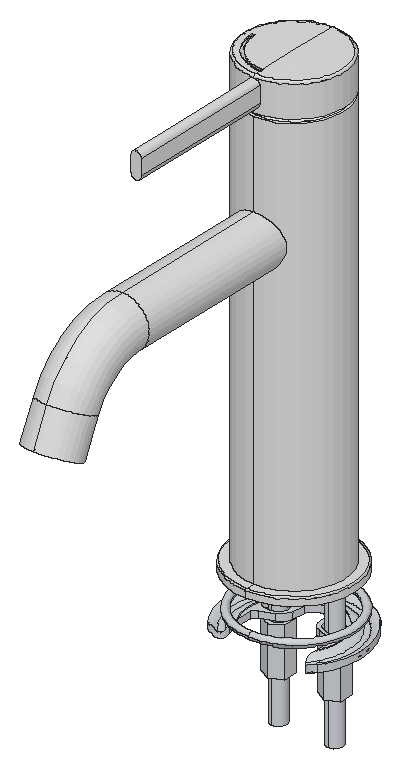
Revit family "Reece_Tap_Roca_Ona_Basin Mixer", category Plumbing Fixtures, host Face, Revit 2018
Family settings
  Host = Face
  Round Connector Dimension = Use Diameter
  Part Type = Normal
  Cut with Voids When Loaded = No
  Shared = Yes
  Room Calculation Point = Yes
Parameters (values of type "115mm_Matte White")
  WFU = 0  # constant formula
  URL = "https://www.reece.com.au/product/-13483"
  Type Comments = "Tap"
  Reece_Tap_Reach = 115 mm  # constant formula
  Reece_Tap_Inlet = 12 mm  # constant formula
  Reece_Tap_Clearance = 90 mm  # constant formula
  Reece_Product_Web Page = "https://www.reece.com.au/product/-13483"
  Reece_Product_Type = "Tap"  # constant formula
  Reece_Product_Sub Brand = "Ona"  # constant formula
  Reece_Product_Number = "13483"
  Reece_Product_Mount = "Hob Mounted"  # constant formula
  Reece_Product_Description = "Roca Ona Basin Mixer Tap Matte White (6 Star)"
  Reece_Product_Brand = "Roca"  # constant formula
  Reece_Overall_Height = 177 mm  # constant formula
  Reece_Material_Tap_Hot = Render_Hot_Water_Cap
  Reece_Material_Tap_Cold = Render_Cold_Water_Cap
  Reece_Material_Secondary = Reece_Cap_Grey
  Reece_Material_Main = Reece_Brass_Brushed Matte White
  Reece_Detail_Installation = ""
  Reece_Detail_Disclaimer = "THIS FILE IS THE PROPERTY OF THE REECE GROUP. IT MAY NOT BE REPRODUCED, REVERSE-ENGINEERED, OR MODIFIED. ANY REPUBLICATION, TRANSMISSION, OR DISTRIBUTION FOR THE PURPOSE OF COMMERCIALLY EXPLOITING THE FILES IS PROHIBITED."  # constant formula
  Reece_Detail_Connector = ""
  Reece_Detail_Additional = ""
  Model = "Ona"
  Manufacturer = "Roca"
  Keynote = "Product #13483, Reece_Tap_Roca_Ona_Basin Mixer - 115mm_Matte White"
  HWFU = 0  # constant formula
  Disclaimer = "THIS FILE IS THE PROPERTY OF THE REECE GROUP. IT MAY NOT BE REPRODUCED, REVERSE-ENGINEERED, OR MODIFIED. ANY REPUBLICATION, TRANSMISSION, OR DISTRIBUTION FOR THE PURPOSE OF COMMERCIALLY EXPLOITING THE FILES IS PROHIBITED."  # constant formula
  Description = "Roca Ona Basin Mixer Tap Matte White (6 Star)"
  Default Elevation = 1000 mm
  CWFU = 0  # constant formula
Types (5, lengths in mm): name | URL | Reece_Product_Web Page | Reece_Product_Number | Reece_Product_Description | Reece_Material_Main | Keynote | Description
  115mm_Brushed Nickel | "https://www.reece.com.au/product/-13484" | "https://www.reece.com.au/product/-13484" | "13484" | "Roca Ona Basin Mixer Tap Brushed Nickel (6 Star)" | Reece_Brass_Brushed Nickel | "Product #13484, Reece_Tap_Roca_Ona_Basin Mixer - 115mm_Brushed Nickel" | "Roca Ona Basin Mixer Tap Brushed Nickel (6 Star)"
  115mm_Chrome | "https://www.reece.com.au/product/-13481" | "https://www.reece.com.au/product/-13481" | "13481" | "Roca Ona Basin Mixer Tap Chrome (6 Star)" | Reece_Brass_Chrome | "Product #13481, Reece_Tap_Roca_Ona_Basin Mixer - 115mm_Chrome" | "Roca Ona Basin Mixer Tap Chrome (6 Star)"
  115mm_Matte Black | "https://www.reece.com.au/product/-13482" | "https://www.reece.com.au/product/-13482" | "13482" | "Roca Ona Basin Mixer Tap Matte Black (6 Star)" | Reece_Brass_Matte Black | "Product #13482, Reece_Tap_Roca_Ona_Basin Mixer - 115mm_Matte Black" | "Roca Ona Basin Mixer Tap Matte Black (6 Star)"
  115mm_Matte White | "https://www.reece.com.au/product/-13483" | "https://www.reece.com.au/product/-13483" | "13483" | "Roca Ona Basin Mixer Tap Matte White (6 Star)" | Reece_Brass_Brushed Matte White | "Product #13483, Reece_Tap_Roca_Ona_Basin Mixer - 115mm_Matte White" | "Roca Ona Basin Mixer Tap Matte White (6 Star)"
  115mm_Brushed Brass | "https://www.reece.com.au/product/-13485" | "https://www.reece.com.au/product/-13485" | "13485" | "Roca Ona Basin Mixer Tap Brushed Brass (6 Star)" | Reece_Brass_Brushed | "Product #13485, Reece_Tap_Roca_Ona_Basin Mixer - 115mm_Brushed Brass" | "Roca Ona Basin Mixer Tap Brushed Brass (6 Star)"
Reference planes
  plane 1 "Center (Front/Back)": y = 0
  plane 2: z = 0
  plane 3 "Center (Left/Right)": x = 0
  plane 4: z = 3
  plane 5: y = -23
  plane 6: y = -115
  plane 7: z = 90
  plane 8: through (0, -113.509, 93.058) normal (0, 0.8988, -0.4384)
  plane 9: z = 177
  plane 10: z = 172.5
Forms (mm)
  Revolve 1, solid, material "Reece_Brass_Brushed Matte White" <- "Reece_Material_Main"
    sketch origin (0, 0, 0) x (0, 1, 0) y (0, 0, 1)
      loop
        line (-19, 3) -> (0, 3) -> (0, 168.909)
        arc (0, 168.909) -> (-9.491, 167.252) -> (-17.859, 162.475) r 28
        line (-17.859, 162.475) -> (-19, 162.475) -> (-19, 3)
      axis (0, 168.909) -> (0, 3)
    angle from 0 to 360
  Revolve 2, solid, material "Reece_Brass_Brushed Matte White" <- "Reece_Material_Main"
    sketch origin (0, 0, 0) x (0, 1, 0) y (0, 0, 1)
      loop
        line (0, 3) -> (-22.5, 3)
        arc (-22.5, 3) -> (-22.854, 2.854) -> (-23, 2.5) r 0.5
        line (-23, 2.5) -> (-23, 0) -> (0, 0) -> (0, 3)
      axis (0, 3) -> (0, 0)
    angle from 0 to 360
  Revolve 3, solid
    sketch origin (0, 0, 0) x (0, 1, 0) y (0, 0, 1)
      loop
        circle (22.2, -14) r 1.3
      axis (1, -14) -> (1, -13)
    angle from 0 to 360
  Extrusion 4, void
    sketch origin (0, 2, 3) x (1, 0, 0) y (0, 1, 0)
      loop
        circle (-10.749, 4.019) r 3.519
      loop
        circle (10.75, 4) r 3.5
    from -6.653 to 4
  Extrusion 5, solid
    sketch origin (0, 2, 3) x (0, 1, 0) y (1, 0, 0)
      loop
        circle (4, 10.75) r 3
      loop
        circle (4, -10.75) r 3
    from 0 to 61.5
  Revolve 6, solid
    sketch origin (0, 0, 0) x (0, 1, 0) y (0, 0, 1)
      loop
        arc (18.75, -21.5) -> (21.75, -23) -> (24.75, -21.5) r 3.75
        line (24.75, -21.5) -> (25.75, -21.5) -> (25.75, -19)
        arc (25.75, -19) -> (24.212, -19.499) -> (22.941, -20.498) r 4.61
        arc (22.941, -20.498) -> (21.841, -21) -> (20.728, -20.527) r 1.5
        arc (20.728, -20.527) -> (19.122, -19.398) -> (17.2, -19) r 4.84
        line (17.2, -19) -> (17.2, -21.5) -> (18.75, -21.5)
      axis (0, -19) -> (0, -21.5)
    angle from 0 to 360
  Extrusion 7, solid
    sketch origin (0, 0, -23) x (1, 0, 0) y (0, 1, 0)
      loop
        arc (-9.053, 2.711) -> (-6.961, 7.197) -> (-11.447, 9.289) r 3.5
        line (-11.447, 9.289) -> (-13.326, 8.605)
        arc (-13.326, 8.605) -> (-15.418, 4.119) -> (-10.932, 2.027) r 3.5
        line (-10.932, 2.027) -> (-9.053, 2.711)
      loop
        arc (-5.01, 5.791) -> (-6.06, 3.288) -> (-8.263, 1.702) r 5
        line (-8.263, 1.702) -> (-13.684, -0.271)
        arc (-13.684, -0.271) -> (-14.638, -1.003) -> (-15, -2.15) r 2
        line (-15, -2.15) -> (-15, -8.417)
        arc (-15, -8.417) -> (0, 17.2) -> (15, -8.417) r 17.2
        line (15, -8.417) -> (15, -2.15)
        arc (15, -2.15) -> (14.638, -1.003) -> (13.684, -0.271) r 2
        line (13.684, -0.271) -> (8.263, 1.702)
        arc (8.263, 1.702) -> (6.06, 3.288) -> (5.01, 5.791) r 5
        line (5.01, 5.791) -> (4.466, 10.221)
        arc (4.466, 10.221) -> (0, 14.173) -> (-4.466, 10.221) r 4.5
        line (-4.466, 10.221) -> (-5.01, 5.791)
      loop
        arc (11.447, 9.289) -> (6.961, 7.197) -> (9.053, 2.711) r 3.5
        line (9.053, 2.711) -> (10.932, 2.027)
        arc (10.932, 2.027) -> (15.418, 4.119) -> (13.326, 8.605) r 3.5
        line (13.326, 8.605) -> (11.447, 9.289)
    from 1.5 to 4
  Extrusion 8, void
    sketch origin (0, 0, -23) x (1, 0, 0) y (0, 1, 0)
      loop
        line (27.556, -34.599) -> (27.556, -14.961) -> (20.958, -14.961)
        arc (20.958, -14.961) -> (17.049, -15.272) -> (15, -11.93) r 3.75
        line (15, -11.93) -> (15, -8.417) -> (-15, -8.417) -> (-15, -11.93)
        arc (-15, -11.93) -> (-17.049, -15.272) -> (-20.958, -14.961) r 3.75
        line (-20.958, -14.961) -> (-27.556, -14.961) -> (-27.556, -34.599) -> (27.556, -34.599)
    from 0 to 5
  Extrusion 9, solid
    sketch origin (0, 0, 0) x (1, 0, 0) y (0, 1, 0)
      loop
        circle (10.75, 6) r 3
      loop
        line (10.75, 11.196) -> (6.25, 8.598) -> (6.25, 3.402) -> (10.75, 0.804) -> (15.25, 3.402) -> (15.25, 8.598) -> (10.75, 11.196)
      loop
        circle (-10.75, 6) r 3
      loop
        line (-10.75, 11.196) -> (-15.25, 8.598) -> (-15.25, 3.402) -> (-10.75, 0.804) -> (-6.25, 3.402) -> (-6.25, 8.598) -> (-10.75, 11.196)
    from -41.5 to -23
  Extrusion 10, void
    sketch origin (0, 0, 0) x (1, 0, 0) y (0, 1, 0)
      loop
        circle (0, 0) r 22
    from 0 to -35
  Sweep 11, solid, material "Reece_Brass_Brushed Matte White" <- "Reece_Material_Main"
    path origin (0, 0, 0) x (0, 1, 0) y (0, 0, 1)
      loop
        line (0, 120) -> (-81.622, 120)
        arc (-81.622, 120) -> (-97.52, 115.441) -> (-108.586, 103.151) r 30
        line (-108.586, 103.151) -> (-115, 90)
    profile origin (0, -40.811, 120) x (0, 0, -1) y (1, 0, 0)
      loop
        circle (0, 0) r 10
  Revolve 12, solid, material "Reece_Brass_Brushed Matte White" <- "Reece_Material_Main"
    sketch origin (0, 0, 0) x (0, 1, 0) y (0, 0, 1)
      loop
        line (0, 177) -> (-18.214, 176.682)
        arc (-18.214, 176.682) -> (-18.771, 176.443) -> (-19, 175.882) r 0.8
        line (-19, 175.882) -> (-19, 163.872) -> (0, 163.872) -> (0, 177)
      axis (0, 177) -> (0, 163.872)
    angle from 0 to 360
  Extrusion 13, void
    sketch origin (0, 0, 0) x (0, 1, 0) y (0, 0, 1)
      loop
        line (14.854, 163.427) -> (18.092, 163.427) -> (18.092, 169.934) -> (-5.811, 169.934) -> (-5.811, 167.247)
        arc (-5.811, 167.247) -> (4.908, 167.43) -> (14.854, 163.427) r 27
    from -6 to 6
  Revolve 14, void
    sketch origin (0, 0, 0) x (0, 1, 0) y (0, 0, 1)
      loop
        line (-115.572, 88.827) -> (-114.123, 91.798) -> (-121.314, 95.305) -> (-121.706, 94.5) -> (-122.923, 94.286) -> (-123.661, 92.773) -> (-115.572, 88.827)
      axis (-115.572, 88.827) -> (-114.123, 91.798)
    angle from 0 to 360
  Extrusion 15, solid, material "Reece_Brass_Brushed Matte White" <- "Reece_Material_Main"
    sketch origin (0, 0, 0) x (1, 0, 0) y (0, 0, 1)
      loop
        line (-2, 173.507) -> (-2, 167.507)
        arc (-2, 167.507) -> (0, 165.507) -> (2, 167.507) r 2
        line (2, 167.507) -> (2, 173.507)
        arc (2, 173.507) -> (0, 175.507) -> (-2, 173.507) r 2
    from 0 to 75
  Revolve 16, void
    sketch origin (0, 0.312, 0) x (0, 1, 0) y (0, 0, 1)
      loop
        line (20.623, 174.5) -> (18.358, 174.5)
        arc (18.358, 174.5) -> (18.562, 173.509) -> (18.643, 172.5) r 8.275
        line (18.643, 172.5) -> (20.623, 172.5) -> (20.623, 174.5)
      axis (20.623, 172.5) -> (18.358, 172.5)
    angle from 0 to 360
  Extrusion 17, void
    sketch origin (0, 125.905, 177) x (0, 1, 0) y (-1, 0, 0)
      loop
        arc (-125.905, 16) -> (-137.219, 11.314) -> (-141.905, 0) r 16
        line (-141.905, 0) -> (-140.905, 0)
        arc (-140.905, 0) -> (-136.512, 10.607) -> (-125.905, 15) r 15
        line (-125.905, 15) -> (-125.905, 16)
    from 0 to -0.8
  Extrusion 18, solid, material "Render_Hot_Water_Cap" <- "Reece_Material_Tap_Hot"
    sketch origin (0, 125.905, 176.2) x (0, 1, 0) y (-1, 0, 0)
      loop
        arc (-125.905, 16) -> (-127.513, 15.919) -> (-129.105, 15.677) r 16
        line (-129.105, 15.677) -> (-128.905, 14.697)
        arc (-128.905, 14.697) -> (-127.413, 14.924) -> (-125.905, 15) r 15
        line (-125.905, 15) -> (-125.905, 16)
    from 0 to 5
  Extrusion 19, solid, material "Render_Cold_Water_Cap" <- "Reece_Material_Tap_Cold"
    sketch origin (0, 125.905, 176.2) x (0, 1, 0) y (-1, 0, 0)
      loop
        line (-141.905, 0) -> (-140.905, 0)
        arc (-140.905, 0) -> (-140.829, 1.508) -> (-140.602, 3) r 15
        line (-140.602, 3) -> (-141.582, 3.2)
        arc (-141.582, 3.2) -> (-141.824, 1.608) -> (-141.905, 0) r 16
    from 0 to 5
  Extrusion 20, solid, material "Reece_Cap_Grey" <- "Reece_Material_Secondary"
    sketch origin (0, 125.905, 176.2) x (0, 1, 0) y (-1, 0, 0)
      loop
        arc (-140.602, 3) -> (-136.512, 10.607) -> (-128.905, 14.697) r 15
        line (-128.905, 14.697) -> (-129.105, 15.677)
        arc (-129.105, 15.677) -> (-137.219, 11.314) -> (-141.582, 3.2) r 16
        line (-141.582, 3.2) -> (-140.602, 3)
    from 0 to 5
  Revolve 21, void
    sketch origin (0, 0, 0) x (0, 1, 0) y (0, 0, 1)
      loop
        line (0, 177) -> (0, 195.769) -> (-25, 195.769) -> (-25, 176.564) -> (0, 177)
      axis (0, 195.769) -> (0, 176.564)
    angle from 0 to 360
Cuts and joins
  Extrusion 4, Extrusion 13 cuts Revolve 1
  Extrusion 4 cuts Revolve 2
  Extrusion 4, Revolve 14 cuts Sweep 11
  Extrusion 4, Revolve 16, Extrusion 17 cuts Revolve 12
  joined: Revolve 1, Revolve 2, Sweep 11, Revolve 12, Extrusion 15
  Extrusion 8 cuts Revolve 6
  Revolve 21 cuts Extrusion 18
  Revolve 21 cuts Extrusion 20
  Revolve 21 cuts Extrusion 19
Text (mm)
  text "Reece Copyright © 2018, Reece Ltd." at (-433.986, -212.884, 0), in view "Ref. Level"
  text "Reece ©" at (-1.128, 151.197, 130.104), in view "Reece Preview"
Dimensions and locks
  Revolve 1 sketch curve to Revolve 1 sketch curve = 19 mm
  Revolve 2 sketch curve to Revolve 2 sketch curve = 23 mm
  "Reece_Overall_Height": plane 9 to level
  "Reece_Tap_Clearance": plane 7 to host face
  "Reece_Tap_Reach": plane 1 "Center (Front/Back)" to plane 6
  radius of Sweep 11 sketch curve = 10 mm
  angle plane 6 to plane 8 = 26.00°
  aligned and locked: plane 2 to host face
  aligned and locked: level to host face
  aligned and locked: Revolve 14 sketch curve to plane 8
Automatic sketch dimensions
  host sketch curve to host sketch curve = 380.785 mm
  host sketch curve to host sketch curve = 317.421 mm
  Revolve 1 sketch curve to plane 4 = 0 mm
  Revolve 1 sketch curve to plane 1 "Center (Front/Back)" = 0 mm  (x2)
  Revolve 1 sketch curve to Revolve 1 sketch curve = 1.141 mm
  Revolve 1 sketch curve to plane 9 = 36.091 mm
  Revolve 1 sketch curve to plane 9 = 14.525 mm
  Revolve 1 sketch curve to Revolve 1 sketch curve = 0 mm
  Revolve 1 sketch curve to level = 340.81 mm
  plane 9 to Revolve 1 sketch curve = 2234.37 mm
  Revolve 2 sketch curve to level = 0 mm
  Revolve 2 sketch curve to plane 5 = 0 mm
  Revolve 2 sketch curve to plane 4 = 0 mm
  Revolve 2 sketch curve to plane 1 "Center (Front/Back)" = 0 mm
  Revolve 2 sketch curve to plane 5 = 0.5 mm
  Revolve 2 sketch curve to Revolve 2 sketch curve = 340.81 mm
  plane 9 to Revolve 2 sketch curve = 2234.37 mm
  Revolve 3 sketch curve to plane 1 "Center (Front/Back)" = 22.2 mm
  Revolve 3 sketch curve to level = 14 mm  (x2)
  Revolve 3 sketch curve to plane 1 "Center (Front/Back)" = 1 mm
  Revolve 3 sketch curve to Revolve 3 sketch curve = 4.102 mm
  Revolve 1 to Extrusion 4 sketch curve = 10.749 mm
  Extrusion 4 sketch curve to Revolve 1 = 10.75 mm
  Extrusion 4 sketch curve to Extrusion 4 sketch curve = 0.019 mm
  Revolve 1 to Extrusion 5 sketch curve = 10.75 mm
  Extrusion 5 sketch curve to Extrusion 5 sketch curve = 0 mm
  Extrusion 5 sketch curve to Revolve 1 = 10.75 mm
  Revolve 6 sketch curve to plane 1 "Center (Front/Back)" = 0 mm
  Revolve 6 sketch curve to plane 1 "Center (Front/Back)" = 17.2 mm
  Revolve 6 sketch curve to Revolve 6 sketch curve = 1.55 mm
  Revolve 6 sketch curve to Revolve 6 sketch curve = 3 mm
  Revolve 6 sketch curve to Revolve 6 sketch curve = 0.072 mm
  Revolve 6 sketch curve to Revolve 6 sketch curve = 2.928 mm
  Revolve 6 sketch curve to Revolve 6 sketch curve = 1 mm
  Revolve 6 sketch curve to Revolve 6 sketch curve = 0.632 mm
  Revolve 6 sketch curve to level = 23.84 mm
  Revolve 6 sketch curve to Revolve 6 sketch curve = 0.274 mm
  Revolve 6 sketch curve to Revolve 6 sketch curve = 2.34 mm
  Revolve 6 sketch curve to Revolve 6 sketch curve = 2 mm
  Revolve 6 sketch curve to Revolve 6 sketch curve = 0.25 mm
  Revolve 6 sketch curve to Revolve 6 sketch curve = 2.5 mm  (x2)
  Revolve 6 sketch curve to Revolve 6 sketch curve = 0 mm
  Revolve 6 sketch curve to Revolve 6 sketch curve = 316.97 mm
  plane 9 to Revolve 6 sketch curve = 666.832 mm
  plane 1 "Center (Front/Back)" to Extrusion 7 sketch curve = 0 mm
  Extrusion 7 sketch curve to plane 3 "Center (Left/Right)" = 0 mm  (x2)
  Extrusion 7 sketch curve to plane 3 "Center (Left/Right)" = 4.466 mm
  Extrusion 7 sketch curve to Extrusion 7 sketch curve = 0.544 mm  (x2)
  Extrusion 7 sketch curve to plane 1 "Center (Front/Back)" = 1.702 mm  (x2)
  Extrusion 7 sketch curve to Extrusion 7 sketch curve = 3.253 mm  (x2)
  Extrusion 7 sketch curve to plane 1 "Center (Front/Back)" = 2.711 mm
  Extrusion 7 sketch curve to Extrusion 7 sketch curve = 0.79 mm  (x2)
  Extrusion 7 sketch curve to Extrusion 7 sketch curve = 0.92 mm  (x2)
  Extrusion 7 sketch curve to Extrusion 7 sketch curve = 0.277 mm  (x2)
  Extrusion 7 sketch curve to plane 1 "Center (Front/Back)" = 2.027 mm  (x2)
  Extrusion 7 sketch curve to Extrusion 7 sketch curve = 1.879 mm  (x6)
  Extrusion 7 sketch curve to Extrusion 7 sketch curve = 1.474 mm  (x2)
  Extrusion 7 sketch curve to Extrusion 7 sketch curve = 2.068 mm  (x2)
  Extrusion 7 sketch curve to plane 1 "Center (Front/Back)" = 8.605 mm
  plane 1 "Center (Front/Back)" to Extrusion 7 sketch curve = 0.271 mm  (x2)
  Extrusion 7 sketch curve to Extrusion 7 sketch curve = 0.684 mm  (x2)
  Extrusion 7 sketch curve to Extrusion 7 sketch curve = 2 mm
  plane 3 "Center (Left/Right)" to Extrusion 7 sketch curve = 4.466 mm
  plane 1 "Center (Front/Back)" to Extrusion 7 sketch curve = 2.15 mm
  Extrusion 7 sketch curve to Extrusion 7 sketch curve = 6.266 mm
  Extrusion 7 sketch curve to Extrusion 7 sketch curve = 1.009 mm
  Extrusion 7 sketch curve to Extrusion 7 sketch curve = 3.289 mm
  Extrusion 7 sketch curve to Extrusion 7 sketch curve = 3.08 mm  (x2)
  Extrusion 7 sketch curve to Extrusion 7 sketch curve = 0.401 mm  (x2)
  Extrusion 7 sketch curve to Extrusion 7 sketch curve = 3.882 mm
  Extrusion 7 sketch curve to Extrusion 7 sketch curve = 4.43 mm
  Extrusion 8 sketch curve to plane 3 "Center (Left/Right)" = 27.556 mm
  Extrusion 8 sketch curve to Extrusion 8 sketch curve = 6.599 mm  (x2)
  Extrusion 8 sketch curve to Extrusion 8 sketch curve = 2.208 mm  (x2)
  Extrusion 8 sketch curve to Extrusion 8 sketch curve = 3.75 mm  (x2)
  plane 3 "Center (Left/Right)" to Extrusion 8 sketch curve = 15 mm
  plane 1 "Center (Front/Back)" to Extrusion 8 sketch curve = 34.599 mm
  plane 1 "Center (Front/Back)" to Extrusion 8 sketch curve = 14.961 mm  (x2)
  Extrusion 8 sketch curve to Extrusion 8 sketch curve = 3.514 mm
  Extrusion 9 sketch curve to plane 3 "Center (Left/Right)" = 15.25 mm
  Extrusion 9 sketch curve to plane 1 "Center (Front/Back)" = 0.804 mm  (x2)
  Extrusion 9 sketch curve to Extrusion 9 sketch curve = 4.5 mm  (x6)
  Extrusion 9 sketch curve to Extrusion 9 sketch curve = 0 mm  (x2)
  plane 3 "Center (Left/Right)" to Extrusion 9 sketch curve = 6.25 mm
  Extrusion 9 sketch curve to plane 1 "Center (Front/Back)" = 3.402 mm  (x4)
  Extrusion 9 sketch curve to Extrusion 9 sketch curve = 5.196 mm  (x7)
  Extrusion 9 sketch curve to Extrusion 9 sketch curve = 2.598 mm
  Extrusion 10 sketch curve to Extrusion 10 sketch curve = 0 mm  (x2)
  Extrusion 10 sketch curve to plane 3 "Center (Left/Right)" = 0 mm
  plane 1 "Center (Front/Back)" to Extrusion 10 sketch curve = 0 mm
  plane 1 "Center (Front/Back)" to Extrusion 10 sketch curve = 22 mm
  Sweep 11 sketch curve to plane 6 = 0 mm
  plane 8 to Sweep 11 sketch curve = 0 mm
  Sweep 11 sketch curve to plane 7 = 0 mm  (x2)
  Sweep 11 sketch curve to plane 1 "Center (Front/Back)" = 0 mm
  Sweep 11 sketch curve to plane 6 = 6.414 mm
  Sweep 11 sketch curve to Sweep 11 sketch curve = 26.964 mm
  Sweep 11 sketch curve to plane 3 "Center (Left/Right)" = 0 mm
  Sweep 11 sketch curve to profile plane = 0 mm
  Extrusion 13 sketch curve to plane 1 "Center (Front/Back)" = 0 mm
  Extrusion 13 sketch curve to plane 1 "Center (Front/Back)" = 18.092 mm
  Extrusion 13 sketch curve to plane 9 = 13.573 mm
  plane 1 "Center (Front/Back)" to Extrusion 13 sketch curve = 5.811 mm
  Extrusion 13 sketch curve to Extrusion 13 sketch curve = 3.239 mm
  Extrusion 13 sketch curve to Extrusion 13 sketch curve = 6.507 mm
  Extrusion 13 sketch curve to Extrusion 13 sketch curve = 2.687 mm
  Extrusion 13 sketch curve to Extrusion 13 sketch curve = 0 mm
  Revolve 12 sketch curve to plane 1 "Center (Front/Back)" = 0 mm  (x2)
  Revolve 12 sketch curve to plane 9 = 0 mm
  plane 1 "Center (Front/Back)" to Revolve 12 sketch curve = 18.2 mm
  Revolve 12 sketch curve to Revolve 12 sketch curve = 0.8 mm
  Revolve 12 sketch curve to plane 9 = 13.128 mm
  Revolve 12 sketch curve to plane 9 = 0.318 mm
  Revolve 12 sketch curve to Revolve 12 sketch curve = 0.014 mm
  Revolve 12 sketch curve to level = 340.81 mm
  Revolve 12 sketch curve to Revolve 12 sketch curve = 2234.37 mm
  plane 8 to Revolve 14 sketch curve = 0 mm  (x2)
  plane 7 to Revolve 14 sketch curve = 2.773 mm
  plane 6 to Revolve 14 sketch curve = 8.661 mm
  plane 7 to Revolve 14 sketch curve = 4.286 mm
  Revolve 14 sketch curve to Revolve 14 sketch curve = 1.217 mm
  Revolve 14 sketch curve to Revolve 14 sketch curve = 0.392 mm
  Revolve 14 sketch curve to plane 6 = 0.877 mm
  plane 6 to Revolve 14 sketch curve = 11.227 mm
  Revolve 14 sketch curve to plane 6 = 9.422 mm
  Extrusion 15 sketch curve to plane 3 "Center (Left/Right)" = 0 mm
  Extrusion 15 sketch curve to Extrusion 15 sketch curve = 2 mm
  Extrusion 15 sketch curve to plane 9 = 9.493 mm
  Extrusion 15 sketch curve to plane 9 = 3.493 mm
  Revolve 16 sketch curve to plane 6 = 0.313 mm
  Revolve 16 sketch curve to plane 10 = 0 mm  (x2)
  Revolve 16 sketch curve to plane 10 = 0.16 mm
  Revolve 16 sketch curve to plane 1 "Center (Front/Back)" = 10.682 mm
  plane 10 to Revolve 16 sketch curve = 2 mm
  Revolve 16 sketch curve to Revolve 16 sketch curve = 7.988 mm
  Revolve 16 sketch curve to Revolve 16 sketch curve = 1.98 mm
  Revolve 16 sketch curve to Revolve 16 sketch curve = 35.366 mm
  Extrusion 17 sketch curve to Extrusion 17 sketch curve = 0 mm  (x2)
  Extrusion 17 sketch curve to plane 3 "Center (Left/Right)" = 0 mm
  plane 1 "Center (Front/Back)" to Extrusion 17 sketch curve = 0 mm
  plane 1 "Center (Front/Back)" to Extrusion 17 sketch curve = 15 mm
  Extrusion 17 sketch curve to Extrusion 17 sketch curve = 1 mm
  Extrusion 18 sketch curve to Extrusion 18 sketch curve = 0 mm
  Extrusion 18 sketch curve to Extrusion 17 = 3 mm
  Extrusion 18 sketch curve to Extrusion 18 sketch curve = 1.303 mm
  Extrusion 18 sketch curve to Extrusion 18 sketch curve = 0.2 mm
  Extrusion 19 sketch curve to Extrusion 19 sketch curve = 0 mm
  Extrusion 19 sketch curve to Extrusion 19 sketch curve = 1 mm
  Extrusion 19 sketch curve to Extrusion 19 sketch curve = 0.323 mm
  Extrusion 19 sketch curve to Extrusion 19 sketch curve = 0.98 mm
  Extrusion 20 sketch curve to Extrusion 17 = 3 mm  (x2)
  Extrusion 20 sketch curve to Extrusion 20 sketch curve = 0.2 mm
  Extrusion 20 sketch curve to Extrusion 17 = 3.2 mm
  Revolve 21 sketch curve to plane 1 "Center (Front/Back)" = 0 mm  (x2)
  Revolve 21 sketch curve to plane 9 = 0 mm
  Revolve 21 sketch curve to plane 9 = 0.436 mm
  Revolve 21 sketch curve to Revolve 21 sketch curve = 18.769 mm
  Revolve 21 sketch curve to level = 340.81 mm
  Revolve 21 sketch curve to Revolve 21 sketch curve = 2215.601 mm
  plane 1 "Center (Front/Back)" to Revolve 21 sketch curve = 25 mm
  radius of Revolve 3 sketch curve = 1.3 mm
  radius of Extrusion 4 sketch curve = 3.519 mm
  radius of Extrusion 4 sketch curve = 3.5 mm
  radius of Extrusion 5 sketch curve = 3 mm  (x2)
  radius of Extrusion 9 sketch curve = 3 mm  (x2)
  radius of Extrusion 18 sketch curve to Extrusion 17 = 0 mm
  radius of Extrusion 19 sketch curve to Extrusion 17 = 0 mm
  radius of Extrusion 20 sketch curve to Extrusion 17 = 0 mm  (x2)
Connectors
  piping at (-10.749, 6.019, 7), diameter 12, driven by "Reece_Tap_Inlet"
    settings: on cut or joined group 1 (Revolve 1, Revolve 2, Extrusion 4, Sweep 11, Revolve 12, Extrusion 13, Revolve 14, Extrusion 15, Revolve 16, Extrusion 17), index 1, connector inside diameter 609.6 mm, connector length 0 mm, flow factor 0, pipe flow 0.0 L/s, pressure drop 0.0 Pa, fitting loss kfactor 0, connector angle 0.00°, fixture units 0, engagement length 0 mm, angle of deflection 0.00°, flow configuration 0, flow direction 1, fitting loss method 0, system type 29, joint type 0, gender type 0, connector reference index -1, connector utility 0, adjustable connector no, is connector primary yes, connector description ""
  piping at (10.75, 6, 7), diameter 12, driven by "Reece_Tap_Inlet"
    settings: on cut or joined group 1, index 2, connector inside diameter 609.6 mm, connector length 0 mm, flow factor 0, pipe flow 0.0 L/s, pressure drop 0.0 Pa, fitting loss kfactor 0, connector angle 0.00°, fixture units 0, engagement length 0 mm, angle of deflection 0.00°, flow configuration 0, flow direction 1, fitting loss method 0, system type 29, joint type 0, gender type 0, connector reference index -1, connector utility 0, adjustable connector no, is connector primary no, connector description ""
